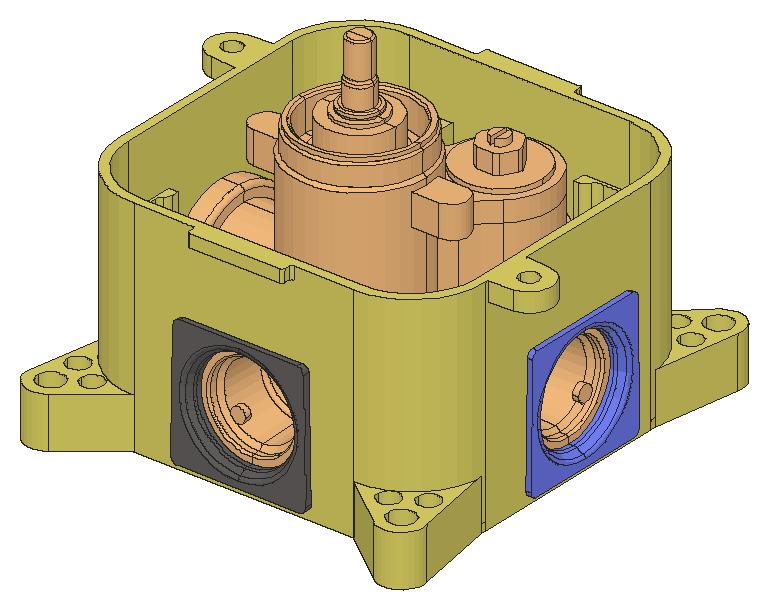
Revit family "Valve-Thermostatic-KALLISTA-Italy-P32995.rfa_", category Plumbing Fixtures, host Face, Revit 2021
Family settings
  Host = Face
  Round Connector Dimension = Use Diameter
  Part Type = Normal
  OmniClass Number = 23.27.31.00
  OmniClass Title = Valves
  Cut with Voids When Loaded = No
  Shared = No
  Room Calculation Point = No
Parameters (values of type "NA-Not Applicable")
  Width = 5 161/256"  # constant formula
  WaterSense Certified = 1 = 0  # no
  Waste Water Outlet = "Waste Water Outlet"  # constant formula
  Waste Connection = 1 = 0  # no
  Vent Connection = 1 = 0  # no
  URL = "https://www.kallista.com/"
  Type = 1
  Tempered Water Outlet 2 = "Tempered Water Outlet 2"  # constant formula
  Tempered Water Outlet 1 = "Tempered Water Outlet 1"  # constant formula
  Product Page URL = ""
  Product Name = "Italy"  # constant formula
  Product Documentation Link = ""
  Pressure = 0.00 psi
  Model = "P32995-00-NA"  # constant formula
  Material = "Premium Metal Construction"  # constant formula
  Master Format 2014 Name = "Control Valves"  # constant formula
  Master Format 2014 = "23 09 13.33"  # constant formula
  Manufacturer Address = "444 Highland Dr, Kohler, WI 53044"  # constant formula
  Manufacturer = "Kallista Co."  # constant formula
  Length = 4 39/128"  # constant formula
  Hot Water Inlet = "Hot Water Inlet"  # constant formula
  Height = 5 121/256"  # constant formula
  HW Connection = 1 = 1  # yes
  Flow Rate = 0 GPM
  Finish = Kohler-Metal-Brass
  Environmental Product Declaration = ""
  Description = "Thermostatic Trim Rough In Valve"  # constant formula
  Default Elevation = 42"
  Declare Label = ""
  Date Modified = "11/11/2024"  # constant formula
  Date Created = "11/11/2024"  # constant formula
  Copyright = "Copyright Kallista Co."  # constant formula
  Contact Us = "https://www.kallista.com/corporate/contact-us/"
  Cold Water Inlet = "Cold Water Inlet"  # constant formula
  CW Connection = 1 = 1  # yes
  Assembly Code = "D2020"
  ADA Compliant = 1 = 0  # no
Reference planes (in)
  plane 1 "Center (Front/Back)": y = 0
  plane 2: z = 0
  plane 3 "Center (Left/Right)": x = 0
  plane 4: z = 1.1811
  plane 5: z = -3.12359
  plane 6: z = -2.2102
  plane 7: x = -2.81526
  plane 8: x = 2.81365
  plane 9: z = -0.18779
  plane 10: x = -2.45079
  plane 11: x = 2.45079
  plane 12: x = 2.34231
  plane 13: x = -2.34231
  plane 14: y = 2.73622
  plane 15: y = -2.73644
  plane 16: y = 0.16517
  plane 17: y = 2.17376
  plane 18: y = -2.17732
  plane 19: y = -0.38597
  plane 20: y = -2.25594
  plane 21: y = 2.25594
  plane 22: x = -2.17058
  plane 23: x = 2.17058
  plane 24: z = 0
Forms (in)
  Extrusion 1, void
    sketch origin (0, 0, 0) x (0, 1, 0) y (0, 0, 1)
      loop
        line (2.73622, -3.12359) -> (2.73622, -0.06991) -> (-2.73644, -0.06991) -> (-2.73644, -3.12359) -> (2.73622, -3.12359)
    from -2.81526 to 2.81526
  Extrusion 2, void
    sketch origin (0, 0, 0) x (1, 0, 0) y (0, 1, 0)
      loop
        circle (0, -0.38597) r 0.78337
    from -0.22933 to 2.43973
Dimensions and locks (in)
  plane 10 to plane 11 = 4.90157"
  "Height": plane 14 to plane 15
  "Width": plane 7 to plane 8
  plane 4 to level = 1.1811"
  plane 4 to plane 5 = 4 39/128"
  plane 6 to plane 5 = 0.91339"
  plane 9 to plane 5 = 2.93579"
  "Length": plane 5 to plane 4
  plane 14 to plane 21 = 0.48028"
  plane 18 to plane 20 = 0.07862"
  plane 17 to plane 18 = 4.35108"
  plane 16 to plane 19 = 0.55113"
  plane 22 to plane 23 = 4.34116"
  plane 4 to plane 24 = 1.1811"
  aligned and locked: plane 2 to host face
  aligned and locked: level to host face
  aligned and locked: plane 1 "Center (Front/Back)" to nested 1
  aligned and locked: plane 3 "Center (Left/Right)" to nested 1
  aligned and locked: plane 14 to Extrusion 1 sketch curve
Automatic sketch dimensions
  host sketch curve to host sketch curve = 96"  (x2)
  Extrusion 1 sketch curve to plane 5 = 0"
  Extrusion 1 sketch curve to plane 15 = 0"
  Extrusion 1 sketch curve to plane 9 = 0.11788"
Nested families (in)
  nested 1: "P32995" at (0, 0, -3.12221), type "P32995"
Connectors (in)
  piping at (-2.34231, 0.16517, -2.20882), diameter 0.75, driven by "HW Connection", driven by "Hot Water Inlet"
    settings: on nested 1, index 1, connector inside diameter 24", connector length 0", flow factor 0, pipe flow 0 GPM, pressure drop 0.00 psi, fitting loss kfactor 0, connector angle 0.00°, fixture units 0, engagement length 0", angle of deflection 0.00°, flow configuration 0, flow direction 1, fitting loss method 0, system type 19, joint type 0, gender type 0, connector reference index -1, connector utility 1, adjustable connector no, is connector primary yes, connector description "Hot Water Inlet"
  piping at (2.34231, 0.16517, -2.20882), diameter 0.375, driven by "CW Connection", driven by "Cold Water Inlet"
    settings: on nested 1, index 2, connector inside diameter 24", connector length 0", flow factor 0, pipe flow 0 GPM, pressure drop 0.00 psi, fitting loss kfactor 0, connector angle 0.00°, fixture units 0, engagement length 0", angle of deflection 0.00°, flow configuration 0, flow direction 1, fitting loss method 0, system type 20, joint type 0, gender type 0, connector reference index -1, connector utility 1, adjustable connector no, is connector primary no, connector description "Cold Water Inlet"
  piping at (0, 2.25594, -2.20882), diameter 0.75, driven by "HW Connection", driven by "Tempered Water Outlet 1"
    settings: on nested 1, index 3, connector inside diameter 24", connector length 0", flow factor 0, pipe flow 0 GPM, pressure drop 0.00 psi, fitting loss kfactor 0, connector angle 0.00°, fixture units 0, engagement length 0", angle of deflection 0.00°, flow configuration 0, flow direction 2, fitting loss method 0, system type 19, joint type 0, gender type 0, connector reference index -1, connector utility 1, adjustable connector no, is connector primary no, connector description "Tempered Water Outlet 1"
  piping at (0, -2.25594, -2.20882), diameter 0.75, driven by "HW Connection", driven by "Tempered Water Outlet 2"
    settings: on nested 1, index 4, connector inside diameter 24", connector length 0", flow factor 0, pipe flow 0 GPM, pressure drop 0.00 psi, fitting loss kfactor 0, connector angle 0.00°, fixture units 0, engagement length 0", angle of deflection 0.00°, flow configuration 0, flow direction 2, fitting loss method 0, system type 19, joint type 0, gender type 0, connector reference index -1, connector utility 1, adjustable connector no, is connector primary no, connector description "Tempered Water Outlet 2"
Definition of nested family "P32995"
  Parameters
    Material = none
    Default Elevation = 0"
  Reference planes (in)
    plane 1 "Center (Front/Back)": y = 0
    plane 2: z = 0
    plane 3 "Center (Left/Right)": x = 0
    plane 4: y = -2.73622
    plane 5: y = 2.73622
    plane 6: x = 2.45079
    plane 7: x = -2.45079
    plane 8: z = 0.91339
    plane 9: z = 2.74856
    plane 10: z = 4.30331
    plane 11: x = 2.81526
    plane 12: x = -2.81526
    plane 13 "A": y = 0.16517
    plane 14 "B": y = -0.38597
    plane 15: y = 2.17376
    plane 16: y = -2.17732
    plane 17: x = -2.26425
    plane 18: x = 2.26425
    plane 19: z = 2.93579
    plane 20: y = -2.25594
    plane 21: y = 2.25594
    plane 22: x = 2.34231
    plane 23: x = -2.34231
    plane 24: z = 0
    plane 25: z = 3.12221
  Forms (in)
    Extrusion 1, solid
      sketch origin (0, 0, 0) x (1, 0, 0) y (0, 1, 0)
        loop
          line (2.26425, -1.2718) -> (2.26425, 1.26825)
          arc (2.26425, 1.26825) -> (1.99903, 1.90855) -> (1.35874, 2.17376) r 0.90551
          line (1.35874, 2.17376) -> (-1.35874, 2.17376)
          arc (-1.35874, 2.17376) -> (-1.99903, 1.90855) -> (-2.26425, 1.26825) r 0.90551
          line (-2.26425, 1.26825) -> (-2.26425, -1.2718)
          arc (-2.26425, -1.2718) -> (-1.99903, -1.9121) -> (-1.35874, -2.17732) r 0.90551
          line (-1.35874, -2.17732) -> (1.35874, -2.17732)
          arc (1.35874, -2.17732) -> (1.99903, -1.9121) -> (2.26425, -1.2718) r 0.90551
        loop
          line (-2.15401, 1.26825) -> (-2.15401, -1.2718)
          arc (-2.15401, -1.2718) -> (-1.92108, -1.83415) -> (-1.35874, -2.06708) r 0.79528
          line (-1.35874, -2.06708) -> (1.35874, -2.06708)
          arc (1.35874, -2.06708) -> (1.92108, -1.83415) -> (2.15401, -1.2718) r 0.79528
          line (2.15401, -1.2718) -> (2.15401, 1.26825)
          arc (2.15401, 1.26825) -> (1.92108, 1.8306) -> (1.35874, 2.06353) r 0.79528
          line (1.35874, 2.06353) -> (-1.35874, 2.06353)
          arc (-1.35874, 2.06353) -> (-1.92108, 1.8306) -> (-2.15401, 1.26825) r 0.79528
      from 0.10161 to 2.74856
    Extrusion 2, solid
      sketch origin (0, 0, 0) x (1, 0, 0) y (0, 1, 0)
        loop
          arc (1.46524, 2.16748) -> (2.00852, 1.89891) -> (2.26074, 1.34786) r 0.90551
          line (2.26074, 1.34786) -> (2.44549, 2.39563)
          arc (2.44549, 2.39563) -> (2.29775, 2.69824) -> (1.96434, 2.65098) r 0.2863
          line (1.96434, 2.65098) -> (1.46524, 2.16748)
        loop
          line (-1.46524, 2.16748) -> (-1.96939, 2.65588)
          arc (-1.96939, 2.65588) -> (-2.30015, 2.70276) -> (-2.44671, 2.40257) r 0.28402
          line (-2.44671, 2.40257) -> (-2.26074, 1.34786)
          arc (-2.26074, 1.34786) -> (-2.00852, 1.89891) -> (-1.46524, 2.16748) r 0.90551
        loop
          line (1.35874, -2.17732) -> (2.00238, -2.67762)
          arc (2.00238, -2.67762) -> (2.31725, -2.69629) -> (2.44788, -2.40918) r 0.2787
          line (2.44788, -2.40918) -> (2.26095, -1.34903)
          arc (2.26095, -1.34903) -> (1.97112, -1.93884) -> (1.35874, -2.17732) r 0.90551
        loop
          arc (-1.35058, -2.17728) -> (-1.96811, -1.94159) -> (-2.26095, -1.34903) r 0.90551
          line (-2.26095, -1.34903) -> (-2.44758, -2.40747)
          arc (-2.44758, -2.40747) -> (-2.31754, -2.69453) -> (-2.00287, -2.67743) r 0.27911
          line (-2.00287, -2.67743) -> (-1.35058, -2.17728)
        loop
          circle (2.16354, 2.44535) r 0.16243
        loop
          circle (2.16212, 2.02457) r 0.1378
        loop
          circle (1.83009, 2.22159) r 0.1378
        loop
          circle (-2.16354, 2.44535) r 0.16243
        loop
          circle (-2.16212, 2.02457) r 0.1378
        loop
          circle (-1.83009, 2.22159) r 0.1378
        loop
          circle (2.16354, -2.44535) r 0.16243
        loop
          circle (2.16212, -2.02457) r 0.1378
        loop
          circle (1.83009, -2.22159) r 0.1378
        loop
          circle (-2.16354, -2.44535) r 0.16243
        loop
          circle (-2.16212, -2.02457) r 0.1378
        loop
          circle (-1.83009, -2.22159) r 0.1378
      from 0 to 0.62798
    Extrusion 3, solid
      sketch origin (0, 0, 0) x (1, 0, 0) y (0, 1, 0)
        loop
          arc (2.26425, 1.26825) -> (1.99903, 1.90855) -> (1.35874, 2.17376) r 0.90551
          line (1.35874, 2.17376) -> (-1.35874, 2.17376)
          arc (-1.35874, 2.17376) -> (-1.99903, 1.90855) -> (-2.26425, 1.26825) r 0.90551
          line (-2.26425, 1.26825) -> (-2.26425, -1.2718)
          arc (-2.26425, -1.2718) -> (-1.99903, -1.9121) -> (-1.35874, -2.17732) r 0.90551
          line (-1.35874, -2.17732) -> (1.35874, -2.17732)
          arc (1.35874, -2.17732) -> (1.99903, -1.9121) -> (2.26425, -1.2718) r 0.90551
          line (2.26425, -1.2718) -> (2.26425, 1.26825)
      from 0 to 0.10161
    Revolve 4, solid, material <- "Material"
      sketch origin (0, 0.16517, 0) x (0, 0, 1) y (-1, 0, 0)
        loop
          line (0.91339, -0.70075) -> (1.10915, -0.70075)
          arc (1.10915, -0.70075) -> (1.24589, -0.756) -> (1.30588, -0.89073) r 0.19685
          line (1.30588, -0.89073) -> (1.31735, -1.2194)
          arc (1.31735, -1.2194) -> (1.33262, -1.25063) -> (1.36607, -1.26011) r 0.04264
          line (1.36607, -1.26011) -> (1.39115, -1.9783) -> (1.44476, -2.03191) -> (1.44476, -2.10829) -> (1.46335, -2.1405) -> (1.54091, -2.1405) -> (1.54091, -2.19986)
          arc (1.54091, -2.19986) -> (1.54368, -2.22085) -> (1.55178, -2.24041) r 0.08111
          line (1.55178, -2.24041) -> (1.5935, -2.31268)
          arc (1.5935, -2.31268) -> (1.61519, -2.33437) -> (1.64482, -2.34231) r 0.05926
          line (1.64482, -2.34231) -> (1.68546, -2.34231) -> (1.68546, -2.2367) -> (1.72246, -2.2367) -> (1.72246, -1.90474)
          arc (1.72246, -1.90474) -> (1.71215, -1.87985) -> (1.68726, -1.86955) r 0.0352
          line (1.68726, -1.86955) -> (1.55468, -1.86955) -> (1.55468, 1.86955) -> (1.66234, 1.86955)
          arc (1.66234, 1.86955) -> (1.70485, 1.88715) -> (1.72246, 1.92966) r 0.06012
          line (1.72246, 1.92966) -> (1.72246, 2.24593) -> (1.68546, 2.24593) -> (1.68546, 2.34231) -> (1.64482, 2.34231)
          arc (1.64482, 2.34231) -> (1.61519, 2.33437) -> (1.5935, 2.31268) r 0.05926
          line (1.5935, 2.31268) -> (1.55178, 2.24041)
          arc (1.55178, 2.24041) -> (1.54368, 2.22085) -> (1.54091, 2.19986) r 0.08111
          line (1.54091, 2.19986) -> (1.54091, 2.1405) -> (1.46335, 2.1405) -> (1.44476, 2.10829) -> (1.44476, 2.03191) -> (1.39115, 1.9783) -> (1.36607, 1.26011)
          arc (1.36607, 1.26011) -> (1.33262, 1.25063) -> (1.31735, 1.2194) r 0.04264
          line (1.31735, 1.2194) -> (1.30588, 0.89073)
          arc (1.30588, 0.89073) -> (1.24589, 0.756) -> (1.10915, 0.70075) r 0.19685
          line (1.10915, 0.70075) -> (0.91339, 0.70075) -> (0.91339, -0.70075)
        axis (0.91339, 2.34231) -> (0.91339, -2.34231)
      angle from 0 to 360
    Revolve 5, solid, material <- "Material"
      sketch origin (0, -0.09126, 0) x (0, 0, 1) y (0, -1, 0)
        loop
          line (0.91339, 0.70075) -> (0.91339, -0.70075) -> (1.10915, -0.70075)
          arc (1.10915, -0.70075) -> (1.24589, -0.756) -> (1.30588, -0.89073) r 0.19685
          line (1.30588, -0.89073) -> (1.31735, -1.2194)
          arc (1.31735, -1.2194) -> (1.33262, -1.25063) -> (1.36607, -1.26011) r 0.04264
          line (1.36607, -1.26011) -> (1.39115, -1.9783) -> (1.44476, -2.03191) -> (1.44476, -2.10829) -> (1.46335, -2.1405) -> (1.54091, -2.1405) -> (1.54091, -2.19986)
          arc (1.54091, -2.19986) -> (1.54368, -2.22085) -> (1.55178, -2.24041) r 0.08111
          line (1.55178, -2.24041) -> (1.5935, -2.31268)
          arc (1.5935, -2.31268) -> (1.61519, -2.33437) -> (1.64482, -2.34231) r 0.05926
          line (1.64482, -2.34231) -> (1.68546, -2.34231) -> (1.68546, -2.21517) -> (1.72246, -2.21517) -> (1.72246, -1.92966)
          arc (1.72246, -1.92966) -> (1.70485, -1.88715) -> (1.66234, -1.86955) r 0.06012
          line (1.66234, -1.86955) -> (1.55468, -1.86955) -> (1.55468, 1.69192) -> (1.68726, 1.69192)
          arc (1.68726, 1.69192) -> (1.71215, 1.70223) -> (1.72246, 1.72712) r 0.0352
          line (1.72246, 1.72712) -> (1.72246, 2.05292) -> (1.68546, 2.05292) -> (1.68546, 2.16468) -> (1.64482, 2.16468)
          arc (1.64482, 2.16468) -> (1.61519, 2.15674) -> (1.5935, 2.13505) r 0.05926
          line (1.5935, 2.13505) -> (1.55178, 2.06279)
          arc (1.55178, 2.06279) -> (1.54368, 2.04322) -> (1.54091, 2.02223) r 0.08111
          line (1.54091, 2.02223) -> (1.54091, 1.96287) -> (1.46335, 1.96287) -> (1.44476, 1.93066) -> (1.44476, 1.85428) -> (1.38472, 1.79424) -> (1.36607, 1.26011)
          arc (1.36607, 1.26011) -> (1.33262, 1.25063) -> (1.31735, 1.2194) r 0.04264
          line (1.31735, 1.2194) -> (1.30588, 0.89073)
          arc (1.30588, 0.89073) -> (1.24589, 0.756) -> (1.10915, 0.70075) r 0.19685
          line (1.10915, 0.70075) -> (0.91339, 0.70075)
        axis (0.91339, -2.34231) -> (0.91339, 2.16468)
      angle from 0 to 360
    Extrusion 6, void
      sketch origin (0, 0, 0) x (0, 1, 0) y (0, 0, 1)
        loop
          circle (0.16517, 0.91339) r 0.77207
      from -4.01967 to 2.97477
    Extrusion 7, void
      sketch origin (0, 0, 0) x (1, 0, 0) y (0, 0, 1)
        loop
          circle (0, 0.91339) r 0.73931
      from -4.93193 to 4.56978
    Extrusion 8, solid, material <- "Material"
      sketch origin (0, 0, 0) x (1, 0, 0) y (0, 0, 1)
        loop
          circle (0, 0.91339) r 0.77207
        loop
          arc (-0.72519, 1.71048) -> (-0.78038, 1.6879) -> (-0.80392, 1.63311) r 0.07874
          line (-0.80392, 1.63311) -> (-0.82928, 0.18028)
          arc (-0.82928, 0.18028) -> (-0.80671, 0.12372) -> (-0.75055, 0.10017) r 0.07874
          line (-0.75055, 0.10017) -> (0.74861, 0.10017)
          arc (0.74861, 0.10017) -> (0.80477, 0.12372) -> (0.82734, 0.18028) r 0.07874
          line (0.82734, 0.18028) -> (0.80198, 1.63311)
          arc (0.80198, 1.63311) -> (0.77844, 1.6879) -> (0.72325, 1.71048) r 0.07874
          line (0.72325, 1.71048) -> (-0.72519, 1.71048)
      from 2.15768 to 2.25594
    Extrusion 9, solid, material <- "Material"
      sketch origin (0, 0, 0) x (1, 0, 0) y (0, 0, -1)
        loop
          circle (0, -0.91339) r 0.77207
        loop
          line (-0.72519, -1.71048) -> (0.72325, -1.71048)
          arc (0.72325, -1.71048) -> (0.77844, -1.6879) -> (0.80198, -1.63311) r 0.07874
          line (0.80198, -1.63311) -> (0.82734, -0.18028)
          arc (0.82734, -0.18028) -> (0.80477, -0.12372) -> (0.74861, -0.10017) r 0.07874
          line (0.74861, -0.10017) -> (-0.75055, -0.10017)
          arc (-0.75055, -0.10017) -> (-0.80671, -0.12372) -> (-0.82928, -0.18028) r 0.07874
          line (-0.82928, -0.18028) -> (-0.80392, -1.63311)
          arc (-0.80392, -1.63311) -> (-0.78038, -1.6879) -> (-0.72519, -1.71048) r 0.07874
      from 2.15768 to 2.25594
    Extrusion 10, solid, material <- "Material"
      sketch origin (0, 0, 0) x (0, 1, 0) y (0, 0, 1)
        loop
          circle (0.16517, 0.91339) r 0.77207
        loop
          line (0.89087, 1.7106) -> (-0.5607, 1.7106)
          arc (-0.5607, 1.7106) -> (-0.61589, 1.68802) -> (-0.63943, 1.63323) r 0.07874
          line (-0.63943, 1.63323) -> (-0.66478, 0.18101)
          arc (-0.66478, 0.18101) -> (-0.64221, 0.12445) -> (-0.58605, 0.1009) r 0.07874
          line (-0.58605, 0.1009) -> (0.91622, 0.1009)
          arc (0.91622, 0.1009) -> (0.97238, 0.12445) -> (0.99494, 0.18101) r 0.07874
          line (0.99494, 0.18101) -> (0.9696, 1.63323)
          arc (0.9696, 1.63323) -> (0.94606, 1.68802) -> (0.89087, 1.7106) r 0.07874
      from -2.34231 to -2.26074
    Extrusion 11, solid, material <- "Material"
      sketch origin (0, 0, 0) x (0, 1, 0) y (0, 0, -1)
        loop
          circle (0.16517, -0.91339) r 0.77207
        loop
          arc (0.89087, -1.7106) -> (0.94606, -1.68802) -> (0.9696, -1.63323) r 0.07874
          line (0.9696, -1.63323) -> (0.99494, -0.18101)
          arc (0.99494, -0.18101) -> (0.97238, -0.12445) -> (0.91622, -0.1009) r 0.07874
          line (0.91622, -0.1009) -> (-0.58605, -0.1009)
          arc (-0.58605, -0.1009) -> (-0.64221, -0.12445) -> (-0.66478, -0.18101) r 0.07874
          line (-0.66478, -0.18101) -> (-0.63943, -1.63323)
          arc (-0.63943, -1.63323) -> (-0.61589, -1.68802) -> (-0.5607, -1.7106) r 0.07874
          line (-0.5607, -1.7106) -> (0.89087, -1.7106)
      from -2.34231 to -2.26074
    Extrusion 12, solid, material <- "Material"
      sketch origin (0, 0, 0) x (1, 0, 0) y (0, 1, 0)
        loop
          arc (-0.15917, 0.87803) -> (-1.14614, 1.32198) -> (-1.12086, 0.24005) r 0.63961
          arc (-1.12086, 0.24005) -> (-1.07207, 0.2034) -> (-1.03201, 0.15737) r 0.29046
          line (-1.03201, 0.15737) -> (-0.6992, -0.31793)
          arc (-0.6992, -0.31793) -> (0.00821, 0.31642) -> (0.70072, -0.33417) r 0.70258
          line (0.70072, -0.33417) -> (0.91755, -0.0245)
          arc (0.91755, -0.0245) -> (1.05869, 0.15469) -> (1.21907, 0.31688) r 2.02661
          arc (1.21907, 0.31688) -> (1.09181, 1.35045) -> (0.16284, 0.87983) r 0.63624
          arc (0.16284, 0.87983) -> (0.14247, 0.84257) -> (0.10268, 0.82773) r 0.06078
          line (0.10268, 0.82773) -> (-0.10131, 0.82773)
          arc (-0.10131, 0.82773) -> (-0.13964, 0.84206) -> (-0.15917, 0.87803) r 0.05843
      from 0.0528 to 2.34261
    Extrusion 13, solid, material <- "Material"
      sketch origin (0, 0, 0) x (1, 0, 0) y (0, 1, 0)
        loop
          arc (-0.05458, 0.31434) -> (0.45775, 0.14694) -> (0.70072, -0.33417) r 0.70258
          line (0.70072, -0.33417) -> (0.91755, -0.0245)
          arc (0.91755, -0.0245) -> (1.05869, 0.15469) -> (1.21907, 0.31688) r 2.02661
          arc (1.21907, 0.31688) -> (1.09181, 1.35045) -> (0.16284, 0.87983) r 0.63624
          arc (0.16284, 0.87983) -> (0.14213, 0.80818) -> (0.10268, 0.74488) r 0.27105
          arc (0.10268, 0.74488) -> (0.05205, 0.67574) -> (0.01056, 0.60076) r 0.67736
          arc (0.01056, 0.60076) -> (-0.03772, 0.46113) -> (-0.05458, 0.31434) r 0.67736
      from 2.34261 to 2.59933
    Revolve 14, solid, material <- "Material"
      sketch origin (0, -0.38597, 0) x (0, 0, 1) y (-1, 0, 0)
        loop
          line (4.30331, 0) -> (4.30331, 0.12795) -> (4.2835, 0.15157) -> (3.86953, 0.15157)
          arc (3.86953, 0.15157) -> (3.84421, 0.14076) -> (3.83008, 0.16439) r 0.02093
          line (3.83008, 0.16439) -> (3.79965, 0.17427) -> (3.55521, 0.17427) -> (3.55521, 0.21349) -> (3.54478, 0.24759) -> (3.50546, 0.24759)
          arc (3.50546, 0.24759) -> (3.49041, 0.24136) -> (3.48417, 0.2263) r 0.02129
          line (3.48417, 0.2263) -> (3.48417, 0.18613) -> (3.47588, 0.15543) -> (3.47588, 0.31011) -> (3.43769, 0.31011) -> (3.43769, 0.45087) -> (3.03021, 0.45087) -> (3.03021, 0.51663) -> (2.9762, 0.51663) -> (2.9762, 0.67213) -> (3.34035, 0.67213) -> (3.36694, 0.69873) -> (3.36694, 0.75385) -> (3.3173, 0.75385) -> (3.28778, 0.78337) -> (3.0523, 0.78337) -> (3.01183, 0.82384) -> (0.52823, 0.82384)
          arc (0.52823, 0.82384) -> (0.24985, 0.70852) -> (0.13453, 0.43013) r 0.3937
          line (0.13453, 0.43013) -> (0.13453, 0) -> (4.30331, 0)
        axis (4.30331, 0) -> (0.13453, 0)
      angle from 0 to 360
    Extrusion 15, solid, material <- "Material"
      sketch origin (0, 0, 0) x (1, 0, 0) y (0, 1, 0)
        loop
          circle (0.79256, 0.78898) r 0.52503
      from 2.34261 to 2.65599
    Extrusion 16, solid, material <- "Material"
      sketch origin (0.00137, 0, 0) x (-1, 0, 0) y (0, -1, 0)
        loop
          circle (0.79256, -0.78898) r 0.52503
      from 2.27874 to 2.46025
    Extrusion 17, solid, material <- "Material"
      sketch origin (0, 0, 0) x (1, 0, 0) y (0, 1, 0)
        loop
          arc (0.89037, 0.55125) -> (0.92105, 0.56633) -> (0.94946, 0.58535) r 0.25707
          arc (0.94946, 0.58535) -> (0.99697, 0.67014) -> (1.04715, 0.75339) r 3.05584
          arc (1.04715, 0.75339) -> (1.04963, 0.78855) -> (1.04727, 0.82372) r 0.25707
          arc (1.04727, 0.82372) -> (0.99571, 0.90627) -> (0.94999, 0.99221) r 1.40318
          arc (0.94999, 0.99221) -> (0.9204, 1.01201) -> (0.88835, 1.02754) r 0.25707
          arc (0.88835, 1.02754) -> (0.79256, 1.02505) -> (0.69676, 1.02754) r 1.84678
          arc (0.69676, 1.02754) -> (0.66524, 1.01232) -> (0.63608, 0.99295) r 0.25707
          arc (0.63608, 0.99295) -> (0.58832, 0.9069) -> (0.53768, 0.82251) r 2.91861
          arc (0.53768, 0.82251) -> (0.53549, 0.78812) -> (0.53791, 0.75374) r 0.25707
          arc (0.53791, 0.75374) -> (0.58821, 0.671) -> (0.63471, 0.58608) r 2.14584
          arc (0.63471, 0.58608) -> (0.66355, 0.56663) -> (0.69474, 0.55125) r 0.25707
          arc (0.69474, 0.55125) -> (0.79256, 0.55157) -> (0.89037, 0.55125) r 14.8723
      from 2.59933 to 2.89287
    Extrusion 18, solid, material <- "Material"
      sketch origin (0, 0, 0) x (-1, 0, 0) y (0, -1, 0)
        loop
          arc (0.89037, -0.55125) -> (0.79256, -0.55157) -> (0.69474, -0.55125) r 14.8723
          arc (0.69474, -0.55125) -> (0.66355, -0.56663) -> (0.63471, -0.58608) r 0.25707
          arc (0.63471, -0.58608) -> (0.58821, -0.671) -> (0.53791, -0.75374) r 2.14584
          arc (0.53791, -0.75374) -> (0.53549, -0.78812) -> (0.53768, -0.82251) r 0.25707
          arc (0.53768, -0.82251) -> (0.58832, -0.9069) -> (0.63608, -0.99295) r 2.91861
          arc (0.63608, -0.99295) -> (0.66524, -1.01232) -> (0.69676, -1.02754) r 0.25707
          arc (0.69676, -1.02754) -> (0.79256, -1.02505) -> (0.88835, -1.02754) r 1.84678
          arc (0.88835, -1.02754) -> (0.9204, -1.01201) -> (0.94999, -0.99221) r 0.25707
          arc (0.94999, -0.99221) -> (0.99571, -0.90627) -> (1.04727, -0.82372) r 1.40318
          arc (1.04727, -0.82372) -> (1.04963, -0.78855) -> (1.04715, -0.75339) r 0.25707
          arc (1.04715, -0.75339) -> (0.99697, -0.67014) -> (0.94946, -0.58535) r 3.05584
          arc (0.94946, -0.58535) -> (0.92105, -0.56633) -> (0.89037, -0.55125) r 0.25707
      from 2.46025 to 2.6959
    Extrusion 19, solid, material <- "Material", detail levels medium+fine
      sketch origin (0, 0, 0) x (1, 0, 0) y (0, 1, 0)
        loop
          arc (0.81579, 0.67412) -> (0.90975, 0.78898) -> (0.81579, 0.90385) r 0.11719
          line (0.81579, 0.90385) -> (0.81579, 0.67412)
        loop
          line (0.7686, 0.67427) -> (0.7686, 0.9037)
          arc (0.7686, 0.9037) -> (0.67537, 0.78898) -> (0.7686, 0.67427) r 0.11719
      from 2.89287 to 2.97215
    Extrusion 20, solid, material <- "Material", detail levels medium+fine
      sketch origin (0, 0, 0) x (-1, 0, 0) y (0, -1, 0)
        loop
          line (0.81579, -0.67412) -> (0.81579, -0.90385)
          arc (0.81579, -0.90385) -> (0.90975, -0.78898) -> (0.81579, -0.67412) r 0.11719
        loop
          arc (0.7686, -0.67427) -> (0.67537, -0.78898) -> (0.7686, -0.9037) r 0.11719
          line (0.7686, -0.9037) -> (0.7686, -0.67427)
      from 2.48925 to 2.77487
    Extrusion 21, solid, material <- "Material", detail levels medium+fine
      sketch origin (0, 0, 0) x (1, 0, 0) y (0, 1, 0)
        loop
          arc (0.80057, -0.19157) -> (0.82383, -0.38849) -> (0.79937, -0.58527) r 0.82384
          line (0.79937, -0.58527) -> (1.14151, -0.58527)
          arc (1.14151, -0.58527) -> (1.33836, -0.38842) -> (1.14151, -0.19157) r 0.19685
          line (1.14151, -0.19157) -> (0.80057, -0.19157)
        loop
          line (-0.80057, -0.19157) -> (-1.14151, -0.19157)
          arc (-1.14151, -0.19157) -> (-1.33836, -0.38842) -> (-1.14151, -0.58527) r 0.19685
          line (-1.14151, -0.58527) -> (-0.79937, -0.58527)
          arc (-0.79937, -0.58527) -> (-0.82383, -0.38849) -> (-0.80057, -0.19157) r 0.82384
      from 2.54001 to 2.93579
    Extrusion 22, solid, detail levels medium+fine
      sketch origin (0, 0, 0) x (1, 0, 0) y (0, 1, 0)
        loop
          arc (-2.10853, -0.90278) -> (-2.09767, -0.85608) -> (-2.06733, -0.81896) r 0.10587
          arc (-2.06733, -0.81896) -> (-2.03804, -0.78311) -> (-2.02756, -0.73803) r 0.10222
          line (-2.02756, -0.73803) -> (-2.02756, -0.65145) -> (-2.15401, -0.65145) -> (-2.15401, -1.2718)
          arc (-2.15401, -1.2718) -> (-1.92108, -1.83415) -> (-1.35874, -2.06708) r 0.79528
          line (-1.35874, -2.06708) -> (-0.81318, -2.06708) -> (-0.81318, -1.90187) -> (-0.87255, -1.90187)
          arc (-0.87255, -1.90187) -> (-0.93073, -1.91794) -> (-0.97241, -1.96161) r 0.11333
          arc (-0.97241, -1.96161) -> (-1.01412, -2.00531) -> (-1.07236, -2.0214) r 0.11343
          line (-1.07236, -2.0214) -> (-1.35532, -2.0214)
          arc (-1.35532, -2.0214) -> (-1.88792, -1.80079) -> (-2.10853, -1.26819) r 0.75321
          line (-2.10853, -1.26819) -> (-2.10853, -0.90278)
        loop
          line (2.10853, -0.90278) -> (2.10853, -1.18199) -> (1.89214, -1.18199)
          arc (1.89214, -1.18199) -> (1.75333, -1.32079) -> (1.89214, -1.4596) r 0.1388
          line (1.89214, -1.4596) -> (2.0838, -1.4596)
          arc (2.0838, -1.4596) -> (1.8153, -1.86463) -> (1.35532, -2.0214) r 0.75321
          line (1.35532, -2.0214) -> (1.07236, -2.0214)
          arc (1.07236, -2.0214) -> (1.01412, -2.00531) -> (0.97241, -1.96161) r 0.11343
          arc (0.97241, -1.96161) -> (0.93073, -1.91794) -> (0.87255, -1.90187) r 0.11333
          line (0.87255, -1.90187) -> (0.81318, -1.90187) -> (0.81318, -2.06708) -> (1.35874, -2.06708)
          arc (1.35874, -2.06708) -> (1.92108, -1.83415) -> (2.15401, -1.2718) r 0.79528
          line (2.15401, -1.2718) -> (2.15401, -0.65145) -> (2.02756, -0.65145) -> (2.02756, -0.73803)
          arc (2.02756, -0.73803) -> (2.03804, -0.78311) -> (2.06733, -0.81896) r 0.10222
          arc (2.06733, -0.81896) -> (2.09767, -0.85608) -> (2.10853, -0.90278) r 0.10587
        loop
          arc (-1.07236, 2.0214) -> (-1.01412, 2.00531) -> (-0.97241, 1.96161) r 0.11343
          arc (-0.97241, 1.96161) -> (-0.93073, 1.91794) -> (-0.87255, 1.90187) r 0.11333
          line (-0.87255, 1.90187) -> (-0.81318, 1.90187) -> (-0.81318, 2.06708) -> (-1.35874, 2.06708)
          arc (-1.35874, 2.06708) -> (-1.92108, 1.83415) -> (-2.15401, 1.2718) r 0.79528
          line (-2.15401, 1.2718) -> (-2.15401, 0.97748) -> (-2.02756, 0.97748) -> (-2.02756, 1.06406)
          arc (-2.02756, 1.06406) -> (-2.03804, 1.10915) -> (-2.06733, 1.14499) r 0.10222
          arc (-2.06733, 1.14499) -> (-2.10324, 1.19575) -> (-2.10445, 1.25791) r 0.10587
          line (-2.10445, 1.25791) -> (-1.8885, 1.25791)
          arc (-1.8885, 1.25791) -> (-1.74951, 1.3969) -> (-1.8885, 1.53589) r 0.13899
          line (-1.8885, 1.53589) -> (-2.05935, 1.53589)
          arc (-2.05935, 1.53589) -> (-1.78293, 1.88825) -> (-1.35532, 2.0214) r 0.75321
          line (-1.35532, 2.0214) -> (-1.07236, 2.0214)
        loop
          arc (2.10853, 1.23189) -> (2.09767, 1.18519) -> (2.06733, 1.14806) r 0.10587
          arc (2.06733, 1.14806) -> (2.03804, 1.11222) -> (2.02756, 1.06714) r 0.10222
          line (2.02756, 1.06714) -> (2.02756, 0.98056) -> (2.15401, 0.98056) -> (2.15401, 1.2718)
          arc (2.15401, 1.2718) -> (1.92108, 1.83415) -> (1.35874, 2.06708) r 0.79528
          line (1.35874, 2.06708) -> (0.81318, 2.06708) -> (0.81318, 1.90187) -> (0.87255, 1.90187)
          arc (0.87255, 1.90187) -> (0.93073, 1.91794) -> (0.97241, 1.96161) r 0.11333
          arc (0.97241, 1.96161) -> (1.01412, 2.00531) -> (1.07236, 2.0214) r 0.11343
          line (1.07236, 2.0214) -> (1.35532, 2.0214)
          arc (1.35532, 2.0214) -> (1.88792, 1.80079) -> (2.10853, 1.26819) r 0.75321
          line (2.10853, 1.26819) -> (2.10853, 1.23189)
      from 0.0528 to 1.96517
    Extrusion 23, solid
      sketch origin (0, 0, 0) x (1, 0, 0) y (0, 1, 0)
        loop
          line (-0.62828, 2.17376) -> (-1.35874, 2.17376)
          arc (-1.35874, 2.17376) -> (-1.99903, 1.90855) -> (-2.26425, 1.26825) r 0.90551
          line (-2.26425, 1.26825) -> (-2.26425, -1.2718)
          arc (-2.26425, -1.2718) -> (-1.99903, -1.9121) -> (-1.35874, -2.17732) r 0.90551
          line (-1.35874, -2.17732) -> (-0.62503, -2.17732)
          arc (-0.62503, -2.17732) -> (-0.6004, -2.18752) -> (-0.5902, -2.21214) r 0.03483
          line (-0.5902, -2.21214) -> (-0.5902, -2.27138)
          arc (-0.5902, -2.27138) -> (-0.57873, -2.29908) -> (-0.55103, -2.31055) r 0.03917
          line (-0.55103, -2.31055) -> (0.55236, -2.31055)
          arc (0.55236, -2.31055) -> (0.5795, -2.29931) -> (0.59074, -2.27217) r 0.03838
          line (0.59074, -2.27217) -> (0.59074, -2.21263)
          arc (0.59074, -2.21263) -> (0.60108, -2.18766) -> (0.62605, -2.17732) r 0.03531
          line (0.62605, -2.17732) -> (1.35874, -2.17732)
          arc (1.35874, -2.17732) -> (1.99903, -1.9121) -> (2.26425, -1.2718) r 0.90551
          line (2.26425, -1.2718) -> (2.26425, 1.26825)
          arc (2.26425, 1.26825) -> (1.99903, 1.90855) -> (1.35874, 2.17376) r 0.90551
          line (1.35874, 2.17376) -> (0.62842, 2.17376)
          arc (0.62842, 2.17376) -> (0.60178, 2.1848) -> (0.59074, 2.21145) r 0.03768
          line (0.59074, 2.21145) -> (0.59074, 2.27217)
          arc (0.59074, 2.27217) -> (0.5795, 2.29931) -> (0.55236, 2.31055) r 0.03838
          line (0.55236, 2.31055) -> (-0.55103, 2.31055)
          arc (-0.55103, 2.31055) -> (-0.57873, 2.29908) -> (-0.5902, 2.27138) r 0.03917
          line (-0.5902, 2.27138) -> (-0.5902, 2.21184)
          arc (-0.5902, 2.21184) -> (-0.60135, 2.18491) -> (-0.62828, 2.17376) r 0.03807
        loop
          line (-2.15401, 1.26825) -> (-2.15401, -1.2718)
          arc (-2.15401, -1.2718) -> (-1.92108, -1.83415) -> (-1.35874, -2.06708) r 0.79528
          line (-1.35874, -2.06708) -> (1.35874, -2.06708)
          arc (1.35874, -2.06708) -> (1.92108, -1.83415) -> (2.15401, -1.2718) r 0.79528
          line (2.15401, -1.2718) -> (2.15401, 1.26825)
          arc (2.15401, 1.26825) -> (1.92108, 1.8306) -> (1.35874, 2.06353) r 0.79528
          line (1.35874, 2.06353) -> (-1.35874, 2.06353)
          arc (-1.35874, 2.06353) -> (-1.92108, 1.8306) -> (-2.15401, 1.26825) r 0.79528
      from 2.59933 to 2.74856
    Extrusion 24, solid
      sketch origin (0, 0, 0) x (1, 0, 0) y (0, 1, 0)
        loop
          line (-2.26425, 1.11554) -> (-2.56336, 1.08937)
          arc (-2.56336, 1.08937) -> (-2.81526, 0.81447) -> (-2.56336, 0.53957) r 0.27595
          line (-2.56336, 0.53957) -> (-2.26425, 0.51341) -> (-2.26425, 1.11554)
        loop
          line (2.26425, -1.2384) -> (2.56369, -1.2122)
          arc (2.56369, -1.2122) -> (2.81526, -0.93766) -> (2.56369, -0.66313) r 0.27559
          line (2.56369, -0.66313) -> (2.26425, -0.63693) -> (2.26425, -1.2384)
        loop
          circle (2.53557, -0.93766) r 0.11811
        loop
          circle (-2.53307, 0.81447) r 0.11811
      from 2.51369 to 2.74856
    Extrusion 25, solid, material <- "Material"
      sketch origin (0, 0, 0) x (1, 0, 0) y (0, 0, 1)
        loop
          circle (0, 0.91339) r 0.09029
      from 2.17732 to 2.25594
    Extrusion 26, solid, material <- "Material"
      sketch origin (0, 0, 0) x (1, 0, 0) y (0, 0, -1)
        loop
          circle (0, -0.91339) r 0.09029
      from 2.17732 to 2.25594
    Extrusion 27, solid, material <- "Material"
      sketch origin (0, 0, 0) x (0, 1, 0) y (0, 0, 1)
        loop
          circle (0.16517, 0.91339) r 0.09843
      from 2.26425 to 2.34231
    Extrusion 28, solid, material <- "Material"
      sketch origin (0, 0, 0) x (0, 1, 0) y (0, 0, -1)
        loop
          circle (0.16517, -0.91339) r 0.09843
      from 2.26425 to 2.34231
  Cuts and joins
    Extrusion 6, Extrusion 7 cuts Extrusion 1
    joined: Extrusion 1, Extrusion 3, Extrusion 23, Extrusion 24
    joined: Revolve 5, Extrusion 8, Extrusion 9
    joined: Revolve 4, Extrusion 10, Extrusion 11
    joined: Extrusion 12, Extrusion 13
  Lines and regions (in)
    Masking region 1, detail levels medium+fine
      outline origin (0, 0, 0) x (1, 0, 0) y (0, 0, 1)
        loop
          line (-0.82384, 2.93579) -> (-1.33836, 2.93579) -> (-1.33836, 2.74856) -> (-2.81526, 2.74856) -> (-2.81526, 2.51369) -> (-2.26425, 2.51369) -> (-2.26425, 1.7106) -> (-2.34231, 1.7106) -> (-2.34231, 0.62798) -> (-2.45079, 0.62798) -> (-2.45079, 0) -> (2.45079, 0) -> (2.45079, 0.62798) -> (2.34231, 0.62798) -> (2.34231, 1.7106) -> (2.26425, 1.7106) -> (2.26425, 2.51369) -> (2.81526, 2.51369) -> (2.81526, 2.74856) -> (1.33836, 2.74856) -> (1.33836, 2.93579) -> (0.90975, 2.93579) -> (0.90975, 2.97215) -> (0.82384, 2.97215) -> (0.82384, 3.01183) -> (0.78337, 3.0523) -> (0.78337, 3.12221) -> (-0.78337, 3.12221) -> (-0.78337, 3.0523) -> (-0.82384, 3.01183) -> (-0.82384, 2.93579)
    Masking region 2
      outline origin (0, 0, 0) x (0, 1, 0) y (0, 0, 1)
        loop
          line (0.43787, 3.01183) -> (0.3974, 3.0523) -> (0.3974, 3.28778) -> (0.36789, 3.3173) -> (0.36789, 3.36694) -> (0.06491, 3.36694) -> (0.06491, 3.43769) -> (-0.07586, 3.43769) -> (-0.07586, 3.47588) -> (-0.23054, 3.47588) -> (-0.19984, 3.48417) -> (-0.15967, 3.48417)
          arc (-0.15967, 3.48417) -> (-0.14461, 3.49041) -> (-0.13838, 3.50546) r 0.02129
          line (-0.13838, 3.50546) -> (-0.13838, 3.54478) -> (-0.17248, 3.55521) -> (-0.21169, 3.55521) -> (-0.21169, 3.79965) -> (-0.22158, 3.83008)
          arc (-0.22158, 3.83008) -> (-0.24521, 3.84421) -> (-0.2344, 3.86953) r 0.02093
          line (-0.2344, 3.86953) -> (-0.2344, 4.2835) -> (-0.25802, 4.30331) -> (-0.38597, 4.30331) -> (-0.51392, 4.30331) -> (-0.53753, 4.2835) -> (-0.53753, 3.86953)
          arc (-0.53753, 3.86953) -> (-0.52672, 3.84421) -> (-0.55035, 3.83008) r 0.02093
          line (-0.55035, 3.83008) -> (-0.56024, 3.79965) -> (-0.56024, 3.55521) -> (-0.59946, 3.55521) -> (-0.63356, 3.54478) -> (-0.63356, 3.50546)
          arc (-0.63356, 3.50546) -> (-0.62732, 3.49041) -> (-0.61227, 3.48417) r 0.02129
          line (-0.61227, 3.48417) -> (-0.5721, 3.48417) -> (-0.5414, 3.47588) -> (-0.69607, 3.47588) -> (-0.69607, 3.43769) -> (-0.83684, 3.43769) -> (-0.83684, 3.36694) -> (-1.13982, 3.36694) -> (-1.13982, 3.3173) -> (-1.16934, 3.28778) -> (-1.16934, 3.0523) -> (-1.2098, 3.01183) -> (-1.2098, 2.74856) -> (-2.31055, 2.74856) -> (-2.31055, 2.59933) -> (-2.17732, 2.59933) -> (-2.17732, 1.71048) -> (-2.25594, 1.71048) -> (-2.25594, 0.62798) -> (-2.73622, 0.62798) -> (-2.73622, 0) -> (2.73622, 0) -> (2.73622, 0.62798) -> (2.25594, 0.62798) -> (2.25594, 1.71048) -> (2.17376, 1.71048) -> (2.17376, 2.59933) -> (2.31055, 2.59933) -> (2.31055, 2.74856) -> (1.02754, 2.74856) -> (1.02754, 2.89287) -> (0.90385, 2.89287) -> (0.90385, 2.97215) -> (0.67412, 2.97215) -> (0.67412, 2.89287) -> (0.55125, 2.89287) -> (0.55125, 2.74856) -> (0.43787, 2.74856) -> (0.43787, 3.01183)
    Masking region 3
      outline origin (0, 0, 0) x (1, 0, 0) y (0, 0, 1)
        loop
          line (-0.78337, 3.28778) -> (-0.78337, 3.12221) -> (0.78337, 3.12221) -> (0.78337, 3.28778) -> (0.75385, 3.3173) -> (0.75385, 3.36694) -> (0.45087, 3.36694) -> (0.45087, 3.43769) -> (0.31011, 3.43769) -> (0.31011, 3.47588) -> (0.15543, 3.47588) -> (0.18613, 3.48417) -> (0.2263, 3.48417)
          arc (0.2263, 3.48417) -> (0.24136, 3.49041) -> (0.24759, 3.50546) r 0.02129
          line (0.24759, 3.50546) -> (0.24759, 3.54478) -> (0.21349, 3.55521) -> (0.17427, 3.55521) -> (0.17427, 3.79965) -> (0.16439, 3.83008)
          arc (0.16439, 3.83008) -> (0.14076, 3.84421) -> (0.15157, 3.86953) r 0.02093
          line (0.15157, 3.86953) -> (0.15157, 4.2835) -> (0.12795, 4.30331) -> (0, 4.30331) -> (-0.12795, 4.30331) -> (-0.15157, 4.2835) -> (-0.15157, 3.86953)
          arc (-0.15157, 3.86953) -> (-0.14076, 3.84421) -> (-0.16439, 3.83008) r 0.02093
          line (-0.16439, 3.83008) -> (-0.17427, 3.79965) -> (-0.17427, 3.55521) -> (-0.21349, 3.55521) -> (-0.24759, 3.54478) -> (-0.24759, 3.50546)
          arc (-0.24759, 3.50546) -> (-0.24136, 3.49041) -> (-0.2263, 3.48417) r 0.02129
          line (-0.2263, 3.48417) -> (-0.18613, 3.48417) -> (-0.15543, 3.47588) -> (-0.31011, 3.47588) -> (-0.31011, 3.43769) -> (-0.45087, 3.43769) -> (-0.45087, 3.36694) -> (-0.75385, 3.36694) -> (-0.75385, 3.3173) -> (-0.78337, 3.28778)
    Masking region 4
      outline origin (0, 0, 0) x (1, 0, 0) y (0, 1, 0)
        loop
          circle (0, -0.38597) r 0.78337
    symbolic lines, detail levels medium+fine
      curve 1: line (1.35874, 0, 0.62798) -> (2.34231, 0, 0.62798)
      curve 2: line (1.35874, 0, 0.62798) -> (1.35874, 0, 0)
      curve 3: line (-2.34231, 0, 0.62798) -> (-1.35058, 0, 0.62798)
      curve 4: line (-1.35058, 0, 0.62798) -> (-1.35058, 0, 0)
      curve 5: line (0.72325, 0, 1.71048) -> (-0.72519, 0, 1.71048)
      curve 6: arc (-0.72519, 0, 1.71048) -> (-0.78038, 0, 1.6879) -> (-0.80392, 0, 1.63311) r 0.07874
      curve 7: line (-0.80392, 0, 1.63311) -> (-0.82928, 0, 0.18028)
      curve 8: arc (-0.82928, 0, 0.18028) -> (-0.80671, 0, 0.12372) -> (-0.75055, 0, 0.10017) r 0.07874
      curve 9: line (-0.75055, 0, 0.10017) -> (0.74861, 0, 0.10017)
      curve 10: arc (0.74861, 0, 0.10017) -> (0.80477, 0, 0.12372) -> (0.82734, 0, 0.18028) r 0.07874
      curve 11: line (0.82734, 0, 0.18028) -> (0.80198, 0, 1.63311)
      curve 12: arc (0.80198, 0, 1.63311) -> (0.77844, 0, 1.6879) -> (0.72325, 0, 1.71048) r 0.07874
      curve 13: circle (0, 0, 0.91339) r 0.62753 normal (0, -1, 0)
      curve 14: circle (0, 0, 0.91339) r 0.53137 normal (0, -1, 0)
      curve 15: circle (0, 0, 0.91339) r 0.47133 normal (0, -1, 0)
      curve 16: circle (0, 0, 0.91339) r 0.45268 normal (0, -1, 0)
      curve 17: circle (0, 0, 0.91339) r 0.54997 normal (0, -1, 0)
      curve 18: circle (0, 0, 0.91339) r 0.3937 normal (0, -1, 0)
      curve 19: circle (0, 0, 0.91339) r 0.69494 normal (0, -1, 0)
      curve 20: line (-2.26425, 0, 1.7106) -> (-2.26425, 0, 0.62798)
      curve 21: line (2.26425, 0, 1.7106) -> (2.26425, 0, 0.62798)
      curve 22: line (2.26425, 0, 2.51369) -> (2.26425, 0, 2.74856)
      curve 23: line (-2.26425, 0, 2.51369) -> (-2.26425, 0, 2.74856)
      curve 24: line (-1.33836, 0, 2.74856) -> (1.33836, 0, 2.74856)
      curve 25: line (-0.5902, 0, 2.59933) -> (0.59074, 0, 2.59933)
      curve 26: line (0.59074, 0, 2.59933) -> (0.59074, 0, 2.74856)
      curve 27: line (-0.5902, 0, 2.59933) -> (-0.5902, 0, 2.74856)
      curve 28: line (-0.79234, 0, 2.74856) -> (-0.79234, 0, 2.93579)
      curve 29: line (-0.82384, 0, 2.93579) -> (-0.79234, 0, 2.93579)
      curve 30: line (0.79234, 0, 2.74856) -> (0.79234, 0, 2.89287)
      curve 31: line (0.82384, 0, 2.97215) -> (0.82384, 0, 2.89287)
      curve 32: line (1.04963, 0, 2.89287) -> (0.53518, 0, 2.89287)
      curve 33: line (1.04963, 0, 2.74856) -> (1.04963, 0, 2.89287)
      curve 34: line (0.53518, 0, 2.74856) -> (1.04963, 0, 2.74856)
      curve 35: line (0.53518, 0, 2.89287) -> (0.53518, 0, 2.74856)
      curve 36: line (0.94946, 0, 2.89287) -> (0.94946, 0, 2.74856)
      curve 37: line (0.88835, 0, 2.89287) -> (0.88835, 0, 2.74856)
      curve 38: line (0.69676, 0, 2.89287) -> (0.69676, 0, 2.74856)
      curve 39: line (0.63608, 0, 2.89287) -> (0.63608, 0, 2.74856)
      curve 40: line (0.90975, 0, 2.93579) -> (0.90975, 0, 2.89287)
      curve 41: line (0.67537, 0, 2.97215) -> (0.67537, 0, 2.89287)
      curve 42: line (0.7686, 0, 2.97215) -> (0.7686, 0, 2.89287)
      curve 43: line (0.7686, 0, 2.97215) -> (0.67537, 0, 2.97215)
      curve 44: line (0.15157, 0, 3.86953) -> (-0.15157, 0, 3.86953)
      curve 45: line (-0.16439, 0, 3.83008) -> (0.16439, 0, 3.83008)
      curve 46: line (0.17427, 0, 3.79965) -> (-0.17427, 0, 3.79965)
      curve 47: line (-0.17427, 0, 3.55521) -> (0.17427, 0, 3.55521)
      curve 48: line (0.18613, 0, 3.48417) -> (-0.18613, 0, 3.48417)
      curve 49: line (-0.15543, 0, 3.47588) -> (0.15543, 0, 3.47588)
      curve 50: line (0.31011, 0, 3.43769) -> (-0.31011, 0, 3.43769)
      curve 51: line (-0.45087, 0, 3.36694) -> (0.45087, 0, 3.36694)
      curve 52: line (0.75385, 0, 3.3173) -> (-0.75385, 0, 3.3173)
      curve 53: line (-0.78337, 0, 3.28778) -> (0.78337, 0, 3.28778)
      curve 54: line (0.78337, 0, 3.0523) -> (-0.78337, 0, 3.0523)
      curve 55: line (-0.82384, 0, 3.01183) -> (0.82384, 0, 3.01183)
      curve 56: line (0, -0.19157, 2.93579) -> (0, -0.58741, 2.93579)
      curve 57: line (0, -0.19157, 2.74856) -> (0, -0.19157, 2.93579)
      curve 58: line (0, -0.58741, 2.93579) -> (0, -0.58741, 2.74856)
      curve 59: line (0, 0.43787, 2.74856) -> (0, -1.2098, 2.74856)
      curve 60: line (0, 1.11554, 2.51369) -> (0, 0.51341, 2.51369)
      curve 61: line (0, 0.51341, 2.51369) -> (0, 0.51341, 2.74856)
      curve 62: line (0, 1.11554, 2.74856) -> (0, 1.11554, 2.51369)
      curve 63: line (0, 1.02754, 2.74856) -> (0, 0.55125, 2.74856)
      curve 64: line (0, 0.90385, 2.89287) -> (0, 0.67412, 2.89287)
      curve 65: line (0, 0.58608, 2.89287) -> (0, 0.58608, 2.74856)
      curve 66: line (0, 0.67412, 2.74856) -> (0, 0.67412, 2.78006)
      curve 67: line (0, 0.67412, 2.78006) -> (0, 0.90385, 2.78006)
      curve 68: line (0, 0.90385, 2.74856) -> (0, 0.90385, 2.78006)
      curve 69: line (0, 0.82251, 2.78006) -> (0, 0.82251, 2.89287)
      curve 70: line (0, 0.75374, 2.78006) -> (0, 0.75374, 2.89287)
      curve 71: line (0, 0.99221, 2.89287) -> (0, 0.99221, 2.74856)
      curve 72: line (0, -0.5607, 1.7106) -> (0, 0.89087, 1.7106)
      curve 73: arc (0, 0.89087, 1.7106) -> (0, 0.94606, 1.68802) -> (0, 0.9696, 1.63323) r 0.07874
      curve 74: line (0, 0.9696, 1.63323) -> (0, 0.99494, 0.18101)
      curve 75: arc (0, 0.99494, 0.18101) -> (0, 0.97238, 0.12445) -> (0, 0.91622, 0.1009) r 0.07874
      curve 76: line (0, 0.91622, 0.1009) -> (0, -0.58605, 0.1009)
      curve 77: arc (0, -0.58605, 0.1009) -> (0, -0.64221, 0.12445) -> (0, -0.66478, 0.18101) r 0.07874
      curve 78: line (0, -0.66478, 0.18101) -> (0, -0.63943, 1.63323)
      curve 79: arc (0, -0.63943, 1.63323) -> (0, -0.61589, 1.68802) -> (0, -0.5607, 1.7106) r 0.07874
      curve 80: circle (0, 0.16517, 0.91339) r 0.62753 normal (-1, 0, 0)
      curve 81: circle (0, 0.16517, 0.91339) r 0.54997 normal (1, 0, 0)
      curve 82: circle (0, 0.16517, 0.91339) r 0.53137 normal (-1, 0, 0)
      curve 83: circle (0, 0.16517, 0.91339) r 0.47776 normal (1, 0, 0)
      curve 84: circle (0, 0.16517, 0.91339) r 0.45268 normal (1, 0, 0)
      curve 85: circle (0, 0.16517, 0.91339) r 0.68822 normal (1, 0, 0)
      curve 86: line (0, 2.25594, 0.62798) -> (0, 1.34786, 0.62798)
      curve 87: line (0, 1.34786, 0.62798) -> (0, 1.34786, 0)
      curve 88: line (0, -2.25594, 0.62798) -> (0, -1.34903, 0.62798)
      curve 89: line (0, -1.34903, 0.62798) -> (0, -1.34903, 0)
      curve 90: line (0, -2.17732, 1.71048) -> (0, -2.17732, 0.62798)
      curve 91: line (0, 2.17376, 1.71048) -> (0, 2.17376, 0.62798)
      curve 92: line (0, 2.17376, 2.59933) -> (0, 2.17376, 2.74856)
      curve 93: line (0, -2.17732, 2.59933) -> (0, -2.17732, 2.74856)
      curve 94: line (0, 0.3974, 3.0523) -> (0, -1.16934, 3.0523)
      curve 95: line (0, -1.2098, 3.01183) -> (0, 0.43787, 3.01183)
      curve 96: line (0, 0.3974, 3.28778) -> (0, -1.16934, 3.28778)
      curve 97: line (0, -1.13982, 3.3173) -> (0, 0.36789, 3.3173)
      curve 98: line (0, 0.06491, 3.36694) -> (0, -0.83684, 3.36694)
      curve 99: line (0, -0.69607, 3.43769) -> (0, -0.07586, 3.43769)
      curve 100: line (0, -0.5414, 3.47588) -> (0, -0.23054, 3.47588)
      curve 101: line (0, -0.19984, 3.48417) -> (0, -0.5721, 3.48417)
      curve 102: line (0, -0.63356, 3.54478) -> (0, -0.13838, 3.54478)
      curve 103: line (0, -0.21169, 3.55521) -> (0, -0.56024, 3.55521)
      curve 104: line (0, -0.21169, 3.79965) -> (0, -0.56024, 3.79965)
      curve 105: line (0, -0.55035, 3.83008) -> (0, -0.22158, 3.83008)
      curve 106: line (0, -0.2344, 3.86953) -> (0, -0.53753, 3.86953)
      curve 107: line (0, -0.2344, 4.2835) -> (0, -0.53753, 4.2835)
      curve 116: circle (0, -0.38597, 0) r 0.75385 normal (0, 0, -1)
      curve 117: circle (0, -0.38597, 0) r 0.69873 normal (0, 0, 1)
      curve 118: circle (0, -0.38597, 0) r 0.67213 normal (0, 0, -1)
      curve 119: circle (0, -0.38597, 0) r 0.51663 normal (0, 0, -1)
      curve 120: circle (0, -0.38597, 0) r 0.45087 normal (0, 0, -1)
      curve 121: circle (0, -0.38597, 0) r 0.31011 normal (0, 0, -1)
      curve 122: circle (0, -0.38597, 0) r 0.24759 normal (0, 0, -1)
      curve 123: circle (0, -0.38597, 0) r 0.21349 normal (0, 0, 1)
      curve 124: circle (0, -0.38597, 0) r 0.16439 normal (0, 0, 1)
      curve 125: circle (0, -0.38597, 0) r 0.12795 normal (0, 0, 1)
      curve 126: circle (0, -0.38597, 0) r 0.15157 normal (0, 0, -1)
      curve 127: circle (0, -0.38597, 0) r 0.17427 normal (0, 0, -1)
    symbolic lines, detail levels coarse
      curve 108: line (0, 0, 1.31003) -> (0.58778, 0, 1.31003)
      curve 109: line (0.58778, 0, 2.36607) -> (0.58778, 0, 1.96108)
      curve 110: line (-0.58778, 0, 2.36607) -> (-0.58778, 0, 1.96108)
      curve 111: line (0, 0, 1.31003) -> (-0.58778, 0, 1.31003)
      curve 112: line (0.58778, 0, 2.36607) -> (-0.58778, 0, 1.96108)
      curve 113: line (0.58778, 0, 1.96108) -> (-0.58778, 0, 2.36607)
      curve 114: line (0, 0, 2.16358) -> (0, 0, 1.31003)
      curve 115: arc (0.58778, 0, 1.31003) -> (0, 0, 1.01428) -> (-0.58778, 0, 1.31003) r 0.73196
  Dimensions and locks (in)
    plane 6 to plane 7 = 4.90157"
    plane 10 to plane 25 = 1.1811"
    aligned and locked: plane 2 to level
